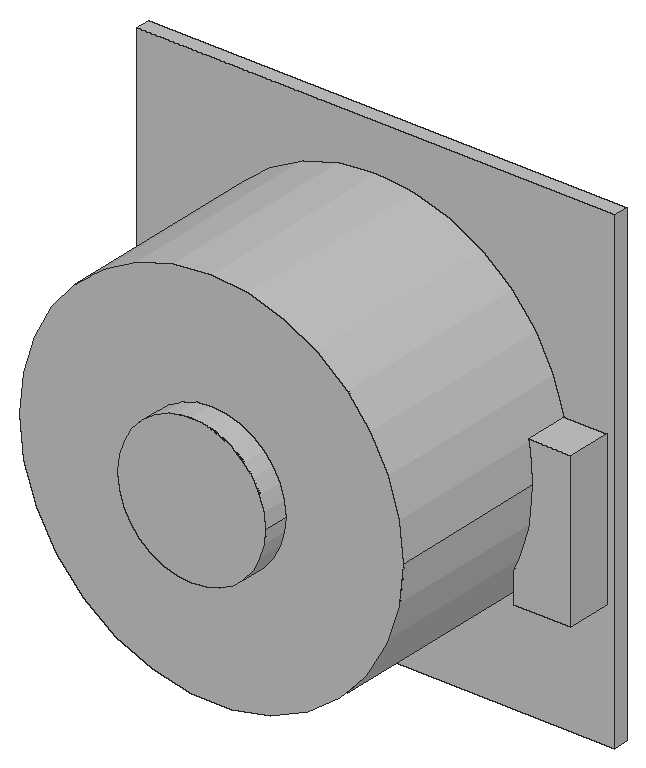
Revit family "ef_eg-20_40ysxc2_a(t)sxc2_b(t)sxc2_d(t)sxc2_csxc2_50Hz", category 機械設備, Revit 2019
Family settings
  丸型コネクタ寸法 = 直径を使用
  パーツ タイプ = 標準
  OmniClass 番号 = 23.75.35.21.17
  OmniClass タイトル = Industrial Ventilating Equipment
  作業面ベース = いいえ
  常に垂直 = はい
  ロード時にボイドで切り取り = はい
  共有 = いいえ
  部屋計算ポイント = はい
Parameters (values of type "EF-20YSXC2")
  騒音レベル(dB(A)) [instance] = 32.5
  風量 [instance] = 設計風量  # 0.0 m³/h
  電源種別 [instance] = ""
  電圧 = 100 V
  電動機出力 = 15 W
  電動機_種別 [instance] = ""
  運転質量 = 0.00 kg
  連動 [instance] = ""
  質量 = if(製品質量 > 運転質量, 製品質量, 運転質量) * 1.2  # 4.32 kg
  負荷分類 = 3_ファン類
  説明 = "産業用有圧換気扇 低騒音形ステンレスタイプ オールステンレスタイプ 排気専用"
  設計風量 [instance] = 0.0 m³/h
  設置方法 = "壁付"
  記号 [instance] = ""
  製造元 = "三菱電機株式会社"
  製品質量 = 3.60 kg
  製品出荷対象 = "国内"
  製品リリース年月 = "2022年6月1日"
  製品グループ = ""
  羽根径 = "∅200"
  レグ_Depth = 147.5 mm
  系統 [instance] = ""
  符号 [instance] = if(☑給気／□排気, "FS", "FE")  # "FE"
  積算_科目 = ""
  積算_拾い区分 [instance] = ""
  相 = 1
  盤記号 [instance] = ""
  盤工事区分 = ""
  発停方法 [instance] = ""
  特殊仕様 [instance] = ""
  火災停止 [instance] = ""
  消費電力 = 28 W
  法定耐用年数 = "15"
  極数 = 2
  極 = 4
  材質 [instance] = ""
  操作・制御方式 = ""
  操作・制御スイッチ = ""
  排気量 [instance] = if(☑給気／□排気, 0.0 m³/h, 設計風量)  # 0.0 m³/h
  形式 = ""
  幹線記号 [instance] = ""
  対象室 [instance] = ""
  実風量 [instance] = 0.0 m³/h
  始動方式 [instance] = "直入"
  外気量 [instance] = if(☑給気／□排気, 設計風量, 0.0 m³/h)  # 0.0 m³/h
  呼称 = "有圧扇"
  周波数 = 50 Hz
  参照している仕様書等のバージョン = ""
  分類コード = "50052503100110"
  分類グループ = ""
  価格 = 136000
  企業コード = "108420"
  付属品_防振装置 = ""
  付属品 [instance] = ""
  仕様書バージョン = "Version1.0"
  レグ_Width = 413 mm
  レグ_Height = 413 mm
  モーター径 = 99 mm
  モデル = "EF-20YSXC2"
  ボックス_Width = 38.1 mm
  ボックス_Height = 102.6 mm
  ボックス_Depth = 39.8 mm
  フレームの厚さ = 10 mm
  ファンの種類 = "軸流羽根"
  コメント [instance] = ""
  Keynote = ""
  オリフィス_Depth = 45 mm
  ☑給気／□排気 [instance] = no
  Width = 320 mm
  Version = ""
  Uniclass2015Version = "Systems v1.9"
  Uniclass2015Title = "Propeller fans"
  Uniclass2015Code = "Pr_65_67_29_67"
  URL = "https://www.mitsubishielectric.co.jp/ldg/wink/ssl/displayProduct.do?pid=319140"
  SpecificationReference = ""
  SpecificationDescription = ""
  Revision = ""
  ProductInformation = ""
  OmniClassCode = "23-33 31 19 11 17"
  MIN風量 = 0.0 m³/h
  MID風量 = 0.0 m³/h
  MAX風量 = 660.0 m³/h
  IfcTypeProduct = ""
  IfcProduct = ""
  IfcExportType = "TUBEAXIAL"
  IfcExportAs = "IfcFanType"
  Height = 320 mm
  オリフィス径 = 257 mm
  Depth = 164 mm
  Box_W = 116.5 mm
  Box_H = 84.2 mm
  Author = "三菱電機株式会社"
Types (11, lengths in mm): name | 騒音レベル(dB(A)) | 電圧 | 電動機出力 | 質量 | 製品質量 | 羽根径 | レグ_Depth | 相 | 消費電力 | 極数 | 極 | 価格 | モーター径 | モデル | ボックス_Width | ボックス_Height | ボックス_Depth | Width | URL | MAX風量 | Height | オリフィス径 | Depth | Box_W | Box_H
  EF-20YSXC2 | 32.5 | 100 V | 15 W | 4.32 kg | 3.60 kg | "∅200" | 147.5 | 1 | 28 W | 2 | 4 | 136000 | 99 | "EF-20YSXC2" | 38.1 | 102.6 | 39.8 | 320 | "https://www.mitsubishielectric.co.jp/ldg/wink/ssl/displayProduct.do?pid=319140" | 660.0 m³/h | 320 | 257 | 164 | 116.5 | 84.2
  EF-25ASXC2 | 36 | 100 V | 25 W | 5.28 kg | 4.40 kg | "∅250" | 147.5 | 1 | 48 W | 2 | 4 | 139000 | 99 | "EF-25ASXC2" | 46.1 | 130.6 | 44.8 | 370 | "https://www.mitsubishielectric.co.jp/ldg/wink/ssl/displayProduct.do?pid=319143" | 1080.0 m³/h | 370 | 298 | 164 | 137 | 83.2
  EF-30BSXC2 | 39.5 | 100 V | 50 W | 6.48 kg | 5.40 kg | "∅300" | 147.5 | 1 | 61 W | 2 | 4 | 188000 | 99 | "EF-30BSXC2" | 46.1 | 130.6 | 44.8 | 420 | "https://www.mitsubishielectric.co.jp/ldg/wink/ssl/displayProduct.do?pid=319154" | 1680.0 m³/h | 420 | 348 | 164 | 162 | 108.2
  EF-40DSXC2 | 48.5 | 100 V | 200 W | 15.00 kg | 12.50 kg | "∅400" | 198.5 | 1 | 127 W | 2 | 4 | 234000 | 113 | "EF-40DSXC2" | 46.7 | 131.4 | 57.8 | 520 | "https://www.mitsubishielectric.co.jp/ldg/wink/ssl/displayProduct.do?pid=318475" | 3760.0 m³/h | 520 | 476 | 225 | 213.3 | 184.8
  EG-40CSXC2 | 41 | 100 V | 100 W | 15.00 kg | 12.50 kg | "∅400" | 212.9 | 1 | 100 W | 2 | 6 | 223000 | 113 | "EG-40CSXC2" | 46.7 | 131.4 | 57.8 | 520 | "https://www.mitsubishielectric.co.jp/ldg/wink/ssl/displayProduct.do?pid=318585" | 3060.0 m³/h | 520 | 476 | 249 | 213.3 | 184.8
  EF-25ATXC2_200V | 37.5 | 200 V | 25 W | 5.76 kg | 4.80 kg | "∅250" | 147.5 | 3 | 34 W | 3 | 4 | 139000 | 99 | "EF-25ATXC2" | 46.1 | 130.6 | 44.8 | 370 | "https://www.mitsubishielectric.co.jp/ldg/wink/ssl/displayProduct.do?pid=319146" | 1080.0 m³/h | 370 | 298 | 164 | 137 | 83.2
  EF-30BTXC2_200V | 39.5 | 200 V | 50 W | 6.60 kg | 5.50 kg | "∅300" | 147.5 | 3 | 56 W | 3 | 4 | 188000 | 99 | "EF-30BTXC2" | 46.1 | 130.6 | 44.8 | 420 | "https://www.mitsubishielectric.co.jp/ldg/wink/ssl/displayProduct.do?pid=319160" | 1680.0 m³/h | 420 | 348 | 164 | 162 | 108.2
  EF-40DTXC2_200V | 49.5 | 200 V | 200 W | 15.00 kg | 12.50 kg | "∅400" | 198.5 | 3 | 125 W | 3 | 4 | 234000 | 113 | "EF-40DTXC2" | 46.7 | 131.4 | 57.8 | 520 | "https://www.mitsubishielectric.co.jp/ldg/wink/ssl/displayProduct.do?pid=318481" | 3760.0 m³/h | 520 | 476 | 225 | 213.3 | 184.8
  EF-25ATXC2_220V | 37.5 | 220 V | 25 W | 5.76 kg | 4.80 kg | "∅250" | 147.5 | 3 | 40 W | 3 | 4 | 139000 | 99 | "EF-25ATXC2" | 46.1 | 130.6 | 44.8 | 370 | "https://www.mitsubishielectric.co.jp/ldg/wink/ssl/displayProduct.do?pid=319146" | 1080.0 m³/h | 370 | 298 | 164 | 137 | 83.2
  EF-30BTXC2_220V | 41 | 220 V | 50 W | 6.60 kg | 5.50 kg | "∅300" | 147.5 | 3 | 70.6 W | 3 | 4 | 188000 | 99 | "EF-30BTXC2" | 46.1 | 130.6 | 44.8 | 420 | "https://www.mitsubishielectric.co.jp/ldg/wink/ssl/displayProduct.do?pid=319160" | 1680.0 m³/h | 420 | 348 | 164 | 162 | 108.2
  EF-40DTXC2_220V | 49.5 | 220 V | 200 W | 15.00 kg | 12.50 kg | "∅400" | 198.5 | 3 | 135 W | 3 | 4 | 234000 | 113 | "EF-40DTXC2" | 46.7 | 131.4 | 57.8 | 520 | "https://www.mitsubishielectric.co.jp/ldg/wink/ssl/displayProduct.do?pid=318481" | 3760.0 m³/h | 520 | 476 | 225 | 213.3 | 184.8
Reference planes
  plane 1 "中心(正面/背面)": y = 0
  plane 2: z = 0
  plane 3 "中心(左/右)": x = 0
  plane 4: z = 0
  plane 5: through (212.832, -1524, 243.759) normal (-0.6508, 0, -0.7593)
  plane 6: through (-212.884, -1524, -243.751) normal (0.6508, 0, 0.7593)
  plane 7: through (208.307, -1524, -247.63) normal (-0.6508, 0, 0.7593)
  plane 8: z = 160
  plane 9: z = -160
  plane 10 "左": x = -160
  plane 11 "右": x = 160
  plane 12 "正面": y = -164
  plane 13: y = -10
  plane 14: through (-208.307, -1524, -247.63) normal (-0.6508, 0, -0.7593)
  plane 15: y = 86
  plane 16: y = 186
  plane 17: x = -250
  plane 18: x = 250
  plane 19: y = -39.8
  plane 20: y = -147.5
  plane 21: x = 116.5
  plane 22: x = 154.6
  plane 23: z = 26.8
  plane 24: z = -75.8
Forms (mm)
  Extrusion 1, solid, detail levels fine
    sketch origin (0, 0, 0) x (1, 0, 0) y (0, 1, 0)
      loop
        line (-160, 0) -> (-160, -10) -> (160, -10) -> (160, 0) -> (-160, 0)
    from -160 to 160
  Extrusion 2, solid, detail levels fine
    sketch origin (140, -23.659, 0) x (-1, 0, 0) y (0, 0, -1)
      loop
        circle (140, 0) r 49.5
    from 123.841 to 140.341
  Extrusion 3, solid
    sketch origin (0, -153.783, 0) x (1, 0, 0) y (0, 0, 1)
      loop
        circle (0, 0) r 128.5
    from -143.783 to -6.283
  Extrusion 4, solid
    sketch origin (0, -164, 0) x (0, 0, -1) y (1, 0, 0)
      loop
        line (-26.8, 116.5) -> (75.8, 116.5) -> (75.8, 154.6) -> (-26.8, 154.6) -> (-26.8, 116.5)
    from -154 to -124.2
Cuts and joins
  joined: Extrusion 3, Extrusion 4
Lines and regions (mm)
  Masking region 1, detail levels coarse+medium
    outline origin (0, 0, 0) x (1, 0, 0) y (0, 1, 0)
      loop
        line (-250, -164) -> (250, -164) -> (250, 86) -> (-250, 86) -> (-250, -164)
  Masking region 2, detail levels coarse+medium
    outline origin (0, 0, 0) x (1, 0, 0) y (0, 1, 0)
      loop
        line (-124, 86) -> (124, 86) -> (124, 186) -> (-124, 186) -> (-124, 86)
  symbolic lines, detail levels coarse+medium
    curve 1: circle (124, -163.5, 0) r 115 normal (0, 0, 1)
    curve 2: circle (-124, -163.5, 0) r 115 normal (0, 0, -1)
Dimensions and locks
  level to plane 4 = 0 mm
  equal spacing: plane 8, level, plane 9
  "Depth": plane 12 "正面" to plane 1 "中心(正面/背面)"  (x2)
  "Width": plane 10 "左" to plane 11 "右"
  "Height": plane 8 to plane 9
  "フレームの厚さ": plane 13 to plane 1 "中心(正面/背面)"
  plane 12 "正面" to plane 15 to plane 16 = 250 mm locked, 100 mm locked
  locked: plane 17 to plane 18 at 500
  "レグ_Depth": plane 1 "中心(正面/背面)" to plane 20
  equal spacing: plane 10 "左", plane 3 "中心(左/右)", plane 11 "右"
  "ボックス_Width": plane 22 to plane 21
  "ボックス_Height": plane 23 to plane 24
  "Box_H": plane 24 to plane 9
  "Box_W": plane 21 to plane 3 "中心(左/右)"
  "ボックス_Depth": plane 1 "中心(正面/背面)" to plane 19
  "オリフィス径": diameter of Extrusion 3 sketch curve
  "モーター径": diameter of Extrusion 2 sketch curve
  aligned and locked: level to plane 2
  aligned and locked: Extrusion 1 to plane 8
  aligned and locked: plane 10 "左" to Extrusion 1
  aligned and locked: Extrusion 1 to plane 11 "右"
  aligned and locked: plane 9 to Extrusion 1
  aligned and locked: Extrusion 1 to plane 13
  aligned and locked: Extrusion 1 to plane 1 "中心(正面/背面)"  (x5)
  aligned and locked: plane 12 "正面" to Extrusion 2
  aligned and locked: plane 1 "中心(正面/背面)" to Extrusion 1  (x2)
  aligned and locked: plane 4 to Extrusion 2 sketch curve
  aligned and locked: plane 12 "正面" to Masking region 1 sketch curve
  aligned and locked: Masking region 1 sketch curve to plane 17
  aligned and locked: plane 15 to Masking region 1 sketch curve
  aligned and locked: plane 18 to Masking region 1 sketch curve
  aligned and locked: Masking region 2 sketch curve to plane 15
  aligned and locked: plane 16 to Masking region 2 sketch curve
  aligned and locked: Extrusion 3 to Extrusion 1
  aligned and locked: plane 20 to Extrusion 2
  aligned and locked: Extrusion 3 to plane 20
  aligned and locked: Extrusion 4 sketch curve to plane 23
  aligned and locked: plane 21 to Extrusion 4 sketch curve
  aligned and locked: plane 24 to Extrusion 4 sketch curve
  aligned and locked: Extrusion 4 sketch curve to plane 22
  aligned and locked: plane 13 to Extrusion 4
  aligned and locked: Extrusion 4 to plane 19
Automatic sketch dimensions
  Extrusion 1 sketch curve to plane 10 "左" = 0 mm
  Extrusion 1 sketch curve to plane 11 "右" = 0 mm
  Extrusion 1 sketch curve to plane 13 = 0 mm
  plane 1 "中心(正面/背面)" to Extrusion 1 sketch curve = 0 mm
  Extrusion 3 sketch curve to level = 0 mm
  Extrusion 3 sketch curve to plane 3 "中心(左/右)" = 0 mm
  curve 2 to plane 20 = 16 mm
  curve 1 to plane 20 = 16 mm
  curve 2 to plane 10 "左" = 36 mm
  Masking region 2 sketch curve to plane 10 "左" = 36 mm
  plane 11 "右" to curve 1 = 36 mm
  plane 11 "右" to Masking region 2 sketch curve = 36 mm
  Extrusion 2 sketch curve to plane 3 "中心(左/右)" = 0 mm
  radius of curve 1 = 115 mm
  radius of curve 2 = 115 mm
Connectors
  electrical at (160, -5, 0), driven by "電圧", driven by "負荷分類", driven by "消費電力", driven by "極数"
    settings: on Extrusion 1, index 2, voltage 100 V, apparent load 28 VA, apparent load phase1 0 VA, apparent load phase2 0 VA, apparent load phase3 0 VA, power factor 1, load classification "3_ファン類", number of poles 2, system type 30, power factor state 1, is connector primary yes, connector utility no, sub classification motor no, connector description ""
